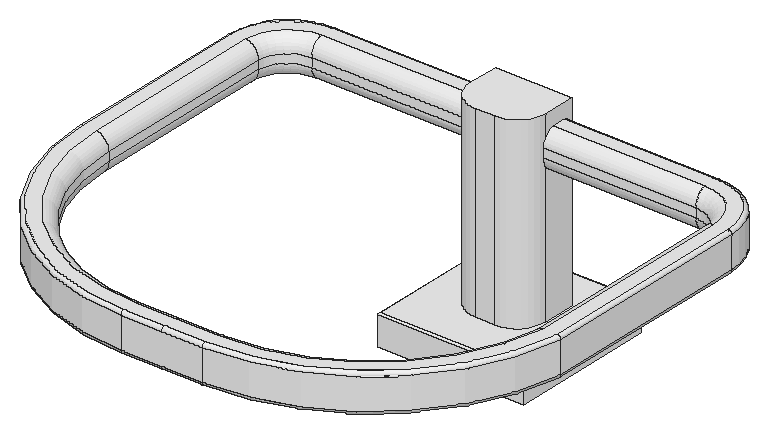
Revit family "Towel Ring-Dorf Viridian", category Specialty Equipment, host Face, Revit 2014
Parameters (values of type "Standard")
  URL = "http://specify.caroma.com.au/"
  Type Comments = "Dorf Viridian Towel Ring"  # constant formula
  ModifiedIssue_ANZRS = 20160317.54  # constant formula
  Model = "9248.04"  # constant formula
  Material_ANZRS = Metal-Chrome-Caroma
  Manufacturer = "GWA Bathrooms&Kitchens\r\n"  # constant formula
  Keynote = ""
  Description = "TBC"  # constant formula
  Default Elevation = 0 mm
  CreatedBy_ANZRS = "Design Content"  # constant formula
  CreatedByURL_ANZRS = "http://www.designcontent.com.au"
  Cost = 0  # constant formula
  Assembly Code = "C1030200"
Reference planes
  plane 1 "Center (Front/Back)": y = 0
  plane 2: z = 0
  plane 3 "Center (Left/Right)": x = 0
  plane 4: through (0, 174.734, 207.382) normal (0, -0.682, 0.7314)
Forms (mm)
  Extrusion 1, solid, material "Metal-Chrome-Caroma" <- "Material_ANZRS"
    sketch origin (0, 0, 0) x (1, 0, 0) y (0, 1, 0)
      loop
        line (-24.198, 25.158) -> (-24.198, -22.842) -> (23.802, -22.842) -> (23.802, 25.158) -> (-24.198, 25.158)
    from 0 to 10
  Sweep 2, void
    path origin (0, 0, 0) x (1, 0, 0) y (0, 1, 0)
      loop
        line (23.802, 25.158) -> (-24.198, 25.158) -> (-24.198, -22.842) -> (23.802, -22.842) -> (23.802, 25.158)
    profile origin (-0.198, 25.158, 0) x (0, -1, 0) y (0, 0, 1)
      loop
        line (2.385, 10) -> (2.385, 12.879) -> (-3.052, 12.879) -> (-3.052, 7.094) -> (0, 7.094) -> (0, 9.37)
        arc (0, 9.37) -> (0.185, 9.815) -> (0.63, 10) r 0.63
        line (0.63, 10) -> (2.385, 10)
  Extrusion 3, solid, material "Metal-Chrome-Caroma" <- "Material_ANZRS"
    sketch origin (0, 0, 0) x (1, 0, 0) y (0, 1, 0)
      loop
        line (-12.726, 11.177) -> (-12.726, 0.744)
        arc (-12.726, 0.744) -> (-9.924, -6.021) -> (-3.159, -8.823) r 9.567
        line (-3.159, -8.823) -> (2.884, -8.823)
        arc (2.884, -8.823) -> (9.524, -6.073) -> (12.274, 0.567) r 9.39
        line (12.274, 0.567) -> (12.274, 11.177) -> (-12.726, 11.177)
    from 10 to 71.102
  Sweep 4, solid, material "Metal-Chrome-Caroma" <- "Material_ANZRS"
    path origin (0, 0, 0) x (1, 0, 0) y (0, 1, 0)
      loop
        line (0, 8.916) -> (62.18, 8.916)
        arc (62.18, 8.916) -> (76.322, 3.058) -> (82.18, -11.084) r 20
        line (82.18, -11.084) -> (82.18, -81.087)
        arc (82.18, -81.087) -> (58.995, -124.012) -> (13.321, -141.161) r 69.58
        line (13.321, -141.161) -> (0, -141.161)
    profile origin (31.09, 8.916, 0) x (0, 1, 0) y (0, 0, 1)
      loop
        line (-1.062, 66.247) -> (-5.64, 66.247)
        arc (-5.64, 66.247) -> (-8.437, 64.488) -> (-9.528, 61.37) r 5.003
        line (-9.528, 61.37) -> (-9.528, 58.479)
        arc (-9.528, 58.479) -> (-8.431, 55.428) -> (-5.64, 53.776) r 4.789
        line (-5.64, 53.776) -> (-0.951, 53.776)
        arc (-0.951, 53.776) -> (-0.202, 54.086) -> (0.108, 54.835) r 1.059
        line (0.108, 54.835) -> (0.108, 65.077)
        arc (0.108, 65.077) -> (-0.234, 65.904) -> (-1.062, 66.247) r 1.17
  Sweep 5, solid, material "Metal-Chrome-Caroma" <- "Material_ANZRS"
    path origin (0, 0, 0) x (1, 0, 0) y (0, 1, 0)
      loop
        line (0, -141.161) -> (-13.321, -141.161)
        arc (-13.321, -141.161) -> (-62.477, -120.758) -> (-82.832, -71.582) r 69.58
        line (-82.832, -71.582) -> (-82.832, -10.313)
        arc (-82.832, -10.313) -> (-77.2, 3.284) -> (-63.604, 8.916) r 19.229
        line (-63.604, 8.916) -> (0, 8.916)
    profile origin (-31.802, 8.916, 0) x (0, 1, 0) y (0, 0, 1)
      loop
        line (-1.062, 66.247) -> (-5.64, 66.247)
        arc (-5.64, 66.247) -> (-8.437, 64.488) -> (-9.528, 61.37) r 5.003
        line (-9.528, 61.37) -> (-9.528, 58.479)
        arc (-9.528, 58.479) -> (-8.431, 55.428) -> (-5.64, 53.776) r 4.789
        line (-5.64, 53.776) -> (-0.951, 53.776)
        arc (-0.951, 53.776) -> (-0.202, 54.086) -> (0.108, 54.835) r 1.059
        line (0.108, 54.835) -> (0.108, 65.077)
        arc (0.108, 65.077) -> (-0.234, 65.904) -> (-1.062, 66.247) r 1.17
Cuts and joins
  Sweep 2 cuts Extrusion 1
  joined: Extrusion 3, Sweep 4, Sweep 5
Dimensions and locks
  aligned and locked: plane 2 to host face
  aligned and locked: level to host face
